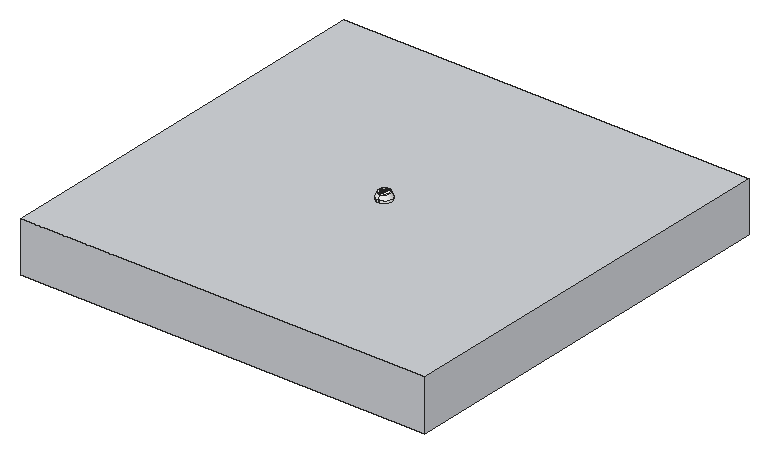
Revit family "Bticino_Lighting_Management_Standalone_Motion_Sensor_Ceiling", category Dispositifs d'éclairage, Revit 2020
Family settings
  Hôte = Face
  Conserver l'orientation des annotations = Non
  Cote de connecteur circulaire = Utiliser le diamètre
  Type d'élément = Normal
  Couper avec des vides une fois chargée = Non
  Partagée = Non
  Point de calcul de pièce = Non
Parameters (values of type "PIR-Ceiling-360°")
  Voltage type = "AC"
  URL = "http://www.legrandoc.com/BMSA1204"
  Temperature (MIN) (°C) = -5
  Temperature (MAX) (°C) = 35
  Suitable for wireless transmission = no
  Substation input = no
  Response value sensitivity adjustable = yes
  Response value luminosity adjustable = yes
  Response value luminosity (MIN) (lx) = 10
  Response value luminosity (MAX) (lx) = 1275
  Remote operation = no
  RAL-number (akin) = 9006
  Nominal voltage (V) = 240
  Mounting method = "Flush mounted (plaster)"
  Modèle = "BMSA1204"
  Model = "Movement sensor"
  Min. switch-on time (s) = 5
  Maximum mounting height (m) = 2.5
  Max. transmission range sideways (m) = 4
  Max. transmission range frontally (m) = 4
  Max. switching power (W) = 0
  Max. starting current (A) = 0
  Max. duty cycle (mn) = 10
  Liaison neutre = no
  HVAC-control = no
  General Conditions of Use = "https://export.legrand.com/en/terms-of-use-BIM-objects"
  Frequency (MIN) (Hz) = 50
  Frequency (MAX) (Hz) = 60
  Forced switch off = no
  Fabricant = "Bticino"
  Diameter detection range on floor (m) = 8
  Detection angle horizontal (MIN) (°) = 360
  Detection angle horizontal (MAX) (°) = 360
  Description = "360° motion sensor - IP 41 - 8 m - ceiling-mounting - PIR technology - blister"
  Degree of protection (IP) = "IP41"
  Cosses d'artère secondaire = no
  Constant light control = yes
  Colour = White
  Collecteur de terre = no
  Detection area [instance] = no
  PIR - Applique - 360° - 45m² = yes
  Fonction variateur intégré = no
  Default Elevation = 1219.2 mm
  Tag [instance] = no
  Alarm function = no
Types (2, lengths in mm): name | URL | Mounting method | Modèle | Model | Min. switch-on time (s) | Max. transmission range sideways (m) | Max. transmission range frontally (m) | Description | Degree of protection (IP)
  PIR - Surface - 360° - 45m² | "http://www.legrandoc.com/BMSA1205" | "Surface mounted (plaster)" | "BMSA1205" | "Presence detector" | 10 | 8 | 8 | "PIR 360° SENSOR CEILING SURFACE MOUNTED" | "IP20"
  PIR-Ceiling-360° | "http://www.legrandoc.com/BMSA1204" | "Flush mounted (plaster)" | "BMSA1204" | "Movement sensor" | 5 | 4 | 4 | "360° motion sensor - IP 41 - 8 m - ceiling-mounting - PIR technology - blister" | "IP41"
Reference planes
  plane 1 "Centre (avant/arrière)": y = 0
  plane 2: z = 0
  plane 3 "Centre (gauche/droite)": x = 0
Forms (mm)
  Extrusion 1, solid
    sketch origin (0, 0, 0) x (1, 0, 0) y (0, 1, 0)
      loop
        line (-1219.2, 1219.2) -> (-1219.2, -1219.2) -> (1219.2, -1219.2) -> (1219.2, 1219.2) -> (-1219.2, 1219.2)
    from 0 to -304.8
Dimensions and locks
  aligned and locked: plane 2 to Extrusion 1
  aligned and locked: level to Extrusion 1
Nested families
  nested 1: "Modelisation 5" at (0, 0, 0), visible <- "PIR - Applique - 360° - 45m²", type "Modelisation 5"
  nested 2: "Zone de détection" at (0, 0, 0), visible <- "Detection area", type "Zone de détection"
  nested 3: "Etiquette de zone" at (0, 3919.457, 0), visible <- "Tag", type "Etiquette de zone"
Connectors
  electrical at (0, 0, 0)
    settings: index 1, voltage 240 V, apparent load 0 VA, apparent load phase1 0 VA, apparent load phase2 0 VA, apparent load phase3 0 VA, power factor 1, load classification "Eclairage", number of poles 1, system type 30, power factor state 1, is connector primary yes, connector utility no, sub classification motor no, connector description ""
Definition of nested family "Modelisation 5"
  Parameters (values of type "Modelisation 5")
    Profondeur totale = 82 mm
    Matériau couleur = none
    Longueur capot = 65 mm
    Largeur capot = 52 mm
    built-in parameter 1140140 [instance] = 1 (stored number, unit not read)
    Default Elevation = 0 mm
    Diamètre capot = 102 mm
    Ray Capot = Diamètre capot / 2  # 51 mm
    built-in parameter 1140142 [instance] = -1
    built-in parameter 1155100 [instance] = -1
  Reference planes
    plane 1 "Centre (avant/arrière)": y = 0
    plane 2: z = 0
    plane 3 "Centre (gauche/droite)": x = 0
  Forms (mm)
    Blend 1, solid
      base sketch origin (0, 0, 44.3) x (-1, 0, 0) y (0, -1, 0)
        loop
          line (0, -15) -> (7.5, -12.99) -> (12.99, -7.5) -> (15, 0) -> (12.99, 7.5) -> (7.5, 12.99) -> (0, 15) -> (-7.5, 12.99) -> (-12.99, 7.5) -> (-15, 0) -> (-12.99, -7.5) -> (-7.5, -12.99) -> (0, -15)
      top sketch origin (0, 0, 44.3) x (-1, 0, 0) y (0, -1, 0)
        loop
          line (0, -13) -> (6.5, -11.258) -> (11.258, -6.5) -> (13, 0) -> (11.258, 6.5) -> (6.5, 11.258) -> (0, 13) -> (-6.5, 11.258) -> (-11.258, 6.5) -> (-13, 0) -> (-11.258, -6.5) -> (-6.5, -11.258) -> (0, -13)
      from 0 to 5.7
    Blend 2, solid
      base sketch origin (0, 0, 61.8) x (1, 0, 0) y (0, 1, 0)
        loop
          line (0, 13) -> (-6.5, 11.258) -> (-11.258, 6.5) -> (-13, 0) -> (-11.258, -6.5) -> (-6.5, -11.258) -> (0, -13) -> (6.5, -11.258) -> (11.258, -6.5) -> (13, 0) -> (11.258, 6.5) -> (6.5, 11.258) -> (0, 13)
      top sketch origin (0, 0, 61.8) x (1, 0, 0) y (0, 1, 0)
        loop
          line (0, 8.625) -> (-4.313, 7.47) -> (-7.47, 4.313) -> (-8.625, 0) -> (-7.47, -4.313) -> (-4.313, -7.47) -> (0, -8.625) -> (4.313, -7.47) -> (7.47, -4.313) -> (8.625, 0) -> (7.47, 4.313) -> (4.313, 7.47) -> (0, 8.625)
      from -11.8 to -9.8
    Extrusion 3, void
      sketch origin (0, 0, 51.071) x (1, 0, 0) y (0, 1, 0)
        loop
          arc (5.689, 14.939) -> (0, 15.986) -> (-5.689, 14.939) r 15.986
          line (-5.689, 14.939) -> (-7.696, 17.805)
          arc (-7.696, 17.805) -> (-13.064, 18.237) -> (-14.494, 13.045) r 4.224
          line (-14.494, 13.045) -> (-12.413, 10.073)
          arc (-12.413, 10.073) -> (0, -15.986) -> (12.413, 10.073) r 15.986
          line (12.413, 10.073) -> (14.494, 13.045)
          arc (14.494, 13.045) -> (13.064, 18.237) -> (7.696, 17.805) r 4.224
          line (7.696, 17.805) -> (5.689, 14.939)
      from -6.771 to -5.043
    Revolve 4, solid, material <- "Matériau couleur"
      sketch origin (0, 0, 0) x (0, 1, 0) y (0, 0, 1)
        loop
          line (19.754, 46.028) -> (0, 46.028) -> (0, 38.56) -> (32.205, 38.56)
          arc (32.205, 38.56) -> (31.761, 39.549) -> (30.996, 40.318) r 3.025
          arc (30.996, 40.318) -> (27.04, 42.845) -> (22.898, 45.053) r 59.565
          arc (22.898, 45.053) -> (21.362, 45.656) -> (19.754, 46.028) r 11.289
        axis (0, 46.028) -> (0, 38.56)
      angle from 0 to 360
    Revolve 5, solid, material <- "Matériau couleur"
      sketch origin (0, 0, 0) x (0, 1, 0) y (0, 0, 1)
        loop
          line (43.5, 10) -> (0, 10) -> (0, 0) -> (43.5, 0) -> (43.5, 10)
        axis (0, 10) -> (0, 0)
      angle from 0 to 360
    Revolve 6, solid, material <- "Matériau couleur"
      sketch origin (0, 0, 0) x (0, 1, 0) y (0, 0, 1)
        loop
          line (43.5, 10) -> (32.205, 38.56) -> (0, 38.56) -> (0, 10) -> (43.5, 10)
        axis (0, 38.56) -> (0, 10)
      angle from 0 to 360
    Extrusion 7, void
      sketch origin (0, 0, 0) x (1, 0, 0) y (0, 0, 1)
        loop
          line (14.855, 0) -> (13.217, 13.69)
          arc (13.217, 13.69) -> (8.703, 17.239) -> (4.19, 13.69) r 4.645
          line (4.19, 13.69) -> (2.552, 0) -> (14.855, 0)
        loop
          line (-2.552, 0) -> (-4.19, 13.69)
          arc (-4.19, 13.69) -> (-8.703, 17.239) -> (-13.217, 13.69) r 4.645
          line (-13.217, 13.69) -> (-14.855, 0) -> (-2.552, 0)
        loop
          arc (12.232, 13.508) -> (8.703, 16.239) -> (5.175, 13.508) r 3.645
          line (5.175, 13.508) -> (3.678, 1) -> (13.728, 1) -> (12.232, 13.508)
        loop
          arc (-5.175, 13.508) -> (-8.703, 16.239) -> (-12.232, 13.508) r 3.645
          line (-12.232, 13.508) -> (-13.728, 1) -> (-3.678, 1) -> (-5.175, 13.508)
      from -44.331 to -37.266
    Extrusion 8, void
      sketch origin (-41.036, 0, 16.229) x (0.367772, 0, 0.929916) y (0, -1, 0)
        loop
          spline (-3.114, -0.098) -> (-2.712, -0.955) -> (-1.533, -1.754) -> (0.342, -2.44) -> (2.786, -2.966) -> (5.632, -3.297) -> (8.687, -3.41) -> (11.741, -3.297) -> (14.587, -2.966) -> (17.031, -2.44) -> (18.906, -1.754) -> (20.085, -0.955) -> (20.487, -0.098)
          spline (20.487, -0.098) -> (20.085, 0.759) -> (18.906, 1.558) -> (17.031, 2.244) -> (14.587, 2.77) -> (11.741, 3.101) -> (8.687, 3.214) -> (5.632, 3.101) -> (2.786, 2.77) -> (0.342, 2.244) -> (-1.533, 1.558) -> (-2.712, 0.759) -> (-3.114, -0.098)
      from -3.721 to 1.317
  Cuts and joins
    Extrusion 3 cuts Revolve 4
    Extrusion 7 cuts Revolve 5
    Extrusion 7, Extrusion 8 cuts Revolve 6
  Dimensions and locks
    aligned and locked: level to plane 2
Definition of nested family "Zone de détection"
  Reference planes
    plane 1 "Centre (avant/arrière)": y = 0
    plane 2: z = 0
    plane 3 "Centre (gauche/droite)": x = 0
  Lines and regions (mm)
    detail lines, in view "Niveau de réf."
      curve 1: circle (0, 0, 0) r 4000 normal (0, 0, 1)
      curve 2: circle (0, 0, 0) r 2000 normal (0, 0, 1)
      curve 3: circle (0, 0, 0) r 1000 normal (0, 0, 1)
Definition of nested family "Etiquette de zone"
  Parameters (values of type "Etiquette de zone")
    Etiquette de zone = ""
  Reference planes
    plane 1: y = 0
    plane 2: x = 0
  Text (mm)
    label "Etiquette de zone" at (-0.612, -4.46, 0), shows "Etiquette de zone"
